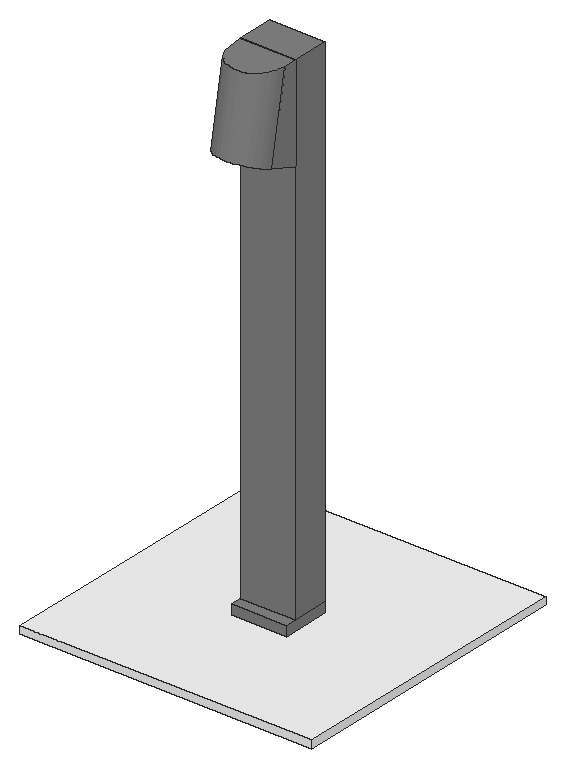
Revit family "BE_77249_de_DE", category Leuchten, Revit 2015
Parameters (values of type "BEGA_77249_Grafit_K3")
  built-in parameter 1150104 = 14.424 (stored number, unit not read)
  Wattage = 1.9 W
  Default Elevation = 0 mm
  built-in parameter 1150113 = 1 (stored number, unit not read)
  built-in parameter 1114218 = 1 (stored number, unit not read)
  Umgebungstemperatur = "25 °C"
  URL = "http://www.bega.de/produkt/77249"
  Typenkommentare = "© 2016 BEGA. Wir behalten uns das Recht vor, technische Änderungen ohne vorherige Ankündigung vorzunehmen."  # constant formula
  Type Image = 77249.png
  built-in parameter 1150134 = (empty or 0)
  built-in parameter 1150109 = 1 (stored number, unit not read)
  Strom = ""
  built-in parameter 1150110 = 1 (stored number, unit not read)
  Spannung = 239.996 V
  Sonderanfertigung = no
  Seriennummer [instance] = "Hier können Sie die eindeutige Seriennummer für das Facility Management eintragen."
  Schutzklasse = "I"
  Schutzart = "IP 64"
  Scheinlast = 0 VA
  Produktdatenblatt = "http://www.bega.de/download/Xrfa/db/77249.db.de.pdf"
  Oberflächentemperatur = ""
  Neigungswinkel = 0.00°
  Modell = "77249"
  Material_18 = BEGA_Gummi_schwarz
  Material_17 = BEGA_Reflektor
  Material_15 = BEGA_Leuchtmedium_matt
  Material_11 = BEGA_Glas_opal
  Material_10 = BEGA_Glas_matt
  Material_09 = BEGA_Glas_klar
  Material_08 = BEGA_Oberfläche_Stahl_verzinkt
  Material_06 = BEGA_Oberfläche_Edelstahl_gebürstet
  Material_03 = BEGA_Oberfläche_Weiss_matt
  Material_02 = BEGA_Oberfläche_Silber_matt
  Material_01 [instance] = BEGA_Oberfläche_Grafit_matt
  M_G = yes
  M_A = no
  Logo = 0
  built-in parameter 1114217 = 1 (stored number, unit not read)
  built-in parameter 1150139 = (empty or 0)
  built-in parameter 1150105 = 23.475 (stored number, unit not read)
  built-in parameter 1150114 = 1 (stored number, unit not read)
  Lumens = 294.994 lm
  built-in parameter 1150115 = 1 (stored number, unit not read)
  Leuchtenlichtstrom = "146 lm"
  Leuchtenanzahl = ""
  Lebensdauerkriterien = "L70 = 50.000 h"
  Lastklassifizierung = Beleuchtung
  built-in parameter 1150112 = 1 (stored number, unit not read)
  Lampenlichtstrom = "295 lm"
  Lampe = "LED 1.9 W"
  LED_Modulbezeichnung = "LED-0684/830 "
  built-in parameter 1150142 = (empty or 0)
  Hersteller = "BEGA"  # constant formula
  Halbstreuwinkel = ""
  Gewicht = "2.15 kg"
  Gebrauchslageneinschränkung [instance] = ""
  Frequenz = "0/50-60 Hz"
  Farbwiedergabeindex = "Ra > 80"
  Farbtemperaturverschiebung bei Dämpfen der Lampe = <Keine Auswahl>
  Farbtemperatur = "3000 K"
  Color Filter = 16777215
  built-in parameter 1150133 = 10 (stored number, unit not read)
  Energieeffizienzklasse = "LED A++ - A"
  built-in parameter 1150137 = (empty or 0)
  built-in parameter 1150132 = (empty or 0)
  ENEC = "ja"
  Datei für fotometrisches Netz = "BE_77249.IES"
  CE_Konformität = "ja"
  Bestellnummer = "77249"
  Beschreibung_Sonderanfertigung = "Hier können Sie Informationen zur Sonderanfertigung eintragen."
  Beschreibung = "Garten- und Wegeleuchte"
  built-in parameter 1150106 = 0.23475 (stored number, unit not read)
  Befestigungsbohrung = "Ø 5,5 mm"
  Befestigungsabstand = ""
  Ballwurfsicher = ""
  BEGA_Intern_aus = yes
  BEGA_Intern_an = yes
  BEGA_Intern_Konstruktion = yes
  BEGA_Intern = yes
  BEGA_IES = yes
  BEGA_Dummy = no
  Anschlussleitung = ""
  Anschlussleistung [instance] = "3.4 W"
  Anschlusskasten = ""
  built-in parameter 1150107 = 3000 (stored number, unit not read)
  built-in parameter 1150102 = (empty or 0)
  built-in parameter 1150138 = (empty or 0)
  Aktualisierung = "2016-10-20T04:14:09"
  Abstand_zur_angestrahlten_Fläche [instance] = ""
  AC/DC = "AC/DC"
Types (2, lengths in mm): name | Modell | M_G | M_A | Bestellnummer
  BEGA_77249_Grafit_K3 | "77249" | yes | no | "77249"
  BEGA_77249_Silber_K3 | "77249A" | no | yes | "77249A"
Reference planes
  plane 1 "Mitte (Vorne/Hinten)": y = 0
  plane 2: z = 0
  plane 3 "Mitte (Links/Rechts)": x = 0
  plane 4 "Links": x = -37.766
  plane 5 "Rechts": x = 37.766
  plane 6 "Unten": y = -100.895
  plane 7 "Oben": y = 25
  plane 8 "Vorne": z = 700.379
  plane 9 "Hinten": z = 0
Forms (mm)
  Extrusion 1, solid, material "BEGA_Platte_Weiss"
    sketch origin (0, -1119.2, 0) x (1, 0, 0) y (0, 1, 0)
      loop
        line (-200, 1319.2) -> (-200, 919.2) -> (200, 919.2) -> (200, 1319.2) -> (-200, 1319.2)
    from 0 to -10
  Extrusion 2, solid, material "BEGA_Dummy_matt", visible <- "BEGA_Dummy"
    sketch origin (80.095, -76.023, 0) x (1, 0, 0) y (0, 1, 0)
      loop
        line (-117.595, 101.023) -> (-117.595, -24.872) -> (-42.595, -24.872) -> (-42.595, 101.023) -> (-117.595, 101.023)
    from 0 to 700.379
Dimensions and locks
  plane 1 "Mitte (Vorne/Hinten)" to Extrusion 1 = 200 mm
  aligned and locked: plane 2 to Extrusion 1
  aligned and locked: level to Extrusion 1
Nested families
  nested 1: "BE_77249" at (0, 0, 0), type "BE_77249"
Connectors
  electrical at (0, 0, 0), driven by "Lastklassifizierung", driven by "Spannung", driven by "Scheinlast"
    settings: index 1, voltage 239.996 V, apparent load 0 VA, apparent load phase1 0 VA, apparent load phase2 0 VA, apparent load phase3 0 VA, power factor 1, load classification "Beleuchtung", number of poles 1, system type 31, power factor state 1, is connector primary yes, connector utility no, sub classification motor no, connector description ""
Definition of nested family "BE_77249"
  Parameters (values of type "BE_77249")
    Default Elevation = 1 mm
    URL = "http://www.bega.de/de/produkt"
    Type Comments = "© 2015 BEGA. Wir behalten uns das Recht vor, technische Änderungen ohne vorherige Ankündigung vorzunehmen. "  # constant formula
    Type Image = (empty or 0)
    Material_18 = none
    Material_17 = none
    Material_15 = none
    Material_11 = none
    Material_10 = none
    Material_09 = none
    Material_08 = none
    Material_06 = none
    Material_03 = none
    Material_02 = none
    Material_01 = none
    M_W = no
    M_G = yes
    M_A = no
    Länge_Platte = 200 mm  # constant formula
    Höhe_Platte = -10 mm  # constant formula
    Manufacturer = "BEGA"  # constant formula
    Breite_Platte = 200 mm  # constant formula
  Reference planes
    plane 1 "Mitte (Oben/Unten)": y = 0
    plane 2: z = 0
    plane 3 "Mitte (Links/Rechts)": x = 0
    plane 4: y = -100.895
    plane 5: z = 700.8
    plane 6: x = -37.766
    plane 7: x = 37.766
    plane 8: y = 25.266
    plane 9: z = 0
  Forms (mm)
    Extrusion 1, solid, detail levels medium
      sketch origin (0, 0, 0) x (1, 0, 0) y (0, 1, 0)
        loop
          line (-100, 100) -> (-100, -100) -> (100, -100) -> (100, 100) -> (-100, 100)
      from 0 to -10 <- "Höhe_Platte"
    Extrusion 2, solid, material <- "Material_08", detail levels medium+fine
      sketch origin (0, -0.971, 0) x (1, 0, 0) y (0, 1, 0)
        loop
          line (-4.279, 24.123) -> (-26.706, 20.169)
          arc (-26.706, 20.169) -> (-28.686, 19.354) -> (-30.144, 17.786) r 5
          arc (-30.144, 17.786) -> (0, -35) -> (30.144, 17.786) r 35
          arc (30.144, 17.786) -> (28.686, 19.354) -> (26.706, 20.169) r 5
          line (26.706, 20.169) -> (4.279, 24.123)
          arc (4.279, 24.123) -> (0, 24.5) -> (-4.279, 24.123) r 24.5
        loop
          circle (-25.981, 15) r 2.75
        loop
          circle (0, -30) r 2.75
        loop
          circle (25.981, 15) r 2.75
        loop
          circle (0, 0) r 19.1
      from 1.993 to 0
    Extrusion 3, solid, material <- "Material_08", detail levels medium+fine
      sketch origin (0, -0.971, 0) x (1, 0, 0) y (0, 1, 0)
        loop
          circle (0, 0) r 19.1
        loop
          circle (0, 0) r 21.1
      from 119.996 to 1
    Sweep 4, solid, material <- "Material_01", visible <- "M_G", detail levels medium+fine
      path origin (0, 0, 0) x (1, 0, 0) y (0, 1, 0)
        loop
          line (37.5, 25) -> (-37.5, 25) -> (-37.5, -25) -> (37.5, -25) -> (37.5, 25)
      profile origin (0, 25, 0) x (0, -1, 0) y (0, 0, 1)
        loop
          line (0, 700.8) -> (0, 13.572) -> (3, 13.572) -> (3, 699) -> (8.422, 699) -> (8.422, 700.8) -> (0, 700.8)
    Extrusion 5, solid, material <- "Material_01", visible <- "M_G", detail levels medium+fine
      sketch origin (0, 0, 0) x (0, 1, 0) y (0, 0, 1)
        loop
          line (16.578, 700.8) -> (-16.578, 700.8) -> (-16.578, 699) -> (16.578, 699) -> (16.578, 700.8)
      from -29.451 to 29.078
    Blend 6, solid, material <- "Material_01", visible <- "M_G", detail levels medium+fine
      base sketch origin (0, 0, 0) x (1, 0, 0) y (0, 1, 0)
        loop
          line (-37.552, -25) -> (-36.457, -66.822)
          spline (-36.457, -66.822) -> (-35.105, -77.09) -> (-31.403, -86.632) -> (-25.599, -94.81) -> (-18.082, -101.077) -> (-9.354, -105.014) -> (0, -106.356) -> (9.354, -105.014) -> (18.082, -101.077) -> (25.599, -94.81) -> (31.403, -86.632) -> (35.105, -77.09) -> (36.457, -66.822)
          line (36.457, -66.822) -> (37.552, -25) -> (-37.552, -25)
      top sketch origin (0, 0, 0) x (1, 0, 0) y (0, 1, 0)
        loop
          line (-37.552, -25) -> (-37.071, -43.367)
          spline (-37.071, -43.367) -> (-35.587, -53.008) -> (-31.763, -61.945) -> (-25.851, -69.59) -> (-18.24, -75.44) -> (-9.43, -79.112) -> (0, -80.363) -> (9.43, -79.112) -> (18.24, -75.44) -> (25.851, -69.59) -> (31.763, -61.945) -> (35.587, -53.008) -> (37.071, -43.367)
          line (37.071, -43.367) -> (37.552, -25) -> (-37.552, -25)
      from 570.8 to 700.8
    Extrusion 7, void
      sketch origin (0, 0, 14) x (0, 1, 0) y (0, 0, 1)
        loop
          line (-26.108, 556.475) -> (-107.284, 586.021) -> (-107.284, 556.475) -> (-26.108, 556.475)
        loop
          line (-25, 686.8) -> (-81.221, 686.8) -> (-81.221, 685.38) -> (-25, 686.8)
      from -41.057 to 40.865
    Revolve 8, void
      sketch origin (0, 0, 14) x (0, 1, 0) y (0, 0, 1)
        loop
          line (-60.589, 588.104) -> (-67.011, 570.459) -> (-35.754, 559.082) -> (-37.529, 569.146) -> (-32.274, 567.233) -> (-28.878, 576.562) -> (-60.589, 588.104)
        axis (-60.589, 588.104) -> (-67.011, 570.459)
      angle from 0 to 360
    Revolve 9, solid, material <- "Material_10", detail levels medium+fine
      sketch origin (0, 0, 14) x (0, 1, 0) y (0, 0, 1)
        loop
          line (-62.616, 582.533) -> (-63.984, 578.775) -> (-33.444, 567.659) -> (-32.076, 571.418) -> (-62.616, 582.533)
        axis (-62.616, 582.533) -> (-63.984, 578.775)
      angle from 0 to 360
    Revolve 10, void
      sketch origin (-26, 0, 14) x (0, 1, 0) y (0, 0, 1)
        loop
          line (-34.938, 559.689) -> (-34.938, 561.3) -> (-36.8, 561.3) -> (-36.8, 560.367) -> (-34.938, 559.689)
        axis (-36.8, 561.3) -> (-36.8, 559.689)
      angle from 0 to 360
    Revolve 11, void
      sketch origin (26, 0, 14) x (0, 1, 0) y (0, 0, -1)
        loop
          line (-34.938, -559.689) -> (-36.8, -560.367) -> (-36.8, -561.3) -> (-34.938, -561.3) -> (-34.938, -559.689)
        axis (-36.8, -561.3) -> (-36.8, -559.689)
      angle from 0 to 360
    Revolve 12, solid, material <- "Material_06", detail levels fine
      sketch origin (-26, 0, 14) x (0, 1, 0) y (0, 0, 1)
        loop
          line (-36.8, 559.9) -> (-36.8, 561.3) -> (-38.411, 561.3) -> (-38.411, 560.481) -> (-37.887, 559.9) -> (-36.8, 559.9)
        axis (-36.8, 561.3) -> (-36.8, 559.9)
      angle from 0 to 360
    Revolve 13, solid, material <- "Material_06", detail levels fine
      sketch origin (26, 0, 14) x (0, 1, 0) y (0, 0, -1)
        loop
          line (-36.8, -559.9) -> (-37.887, -559.9) -> (-38.411, -560.481) -> (-38.411, -561.3) -> (-36.8, -561.3) -> (-36.8, -559.9)
        axis (-36.8, -561.3) -> (-36.8, -559.9)
      angle from 0 to 360
    Revolve 14, void
      sketch origin (0, 0, 13.466) x (0, 1, 0) y (0, 0, 1)
        loop
          line (25.206, 39) -> (22.243, 39) -> (22.243, 35) -> (25.206, 35) -> (25.206, 39)
        axis (25.206, 35) -> (22.243, 35)
      angle from 0 to 360
    Revolve 15, void
      sketch origin (0, 0, 63.466) x (0, 1, 0) y (0, 0, 1)
        loop
          line (25.206, 39) -> (22.243, 39) -> (22.243, 35) -> (25.206, 35) -> (25.206, 39)
        axis (25.206, 35) -> (22.243, 35)
      angle from 0 to 360
    Revolve 16, solid, material <- "Material_06", detail levels fine
      sketch origin (0, 0, 13.466) x (0, 1, 0) y (0, 0, 1)
        loop
          line (25, 88) -> (25, 88.942) -> (22.865, 88.942) -> (22.865, 85) -> (26, 85) -> (26, 88) -> (25, 88)
        axis (26, 85) -> (22.865, 85)
      angle from 0 to 360
    Revolve 17, solid, material <- "Material_06", detail levels fine
      sketch origin (0, 0, -36.534) x (0, 1, 0) y (0, 0, 1)
        loop
          line (25, 88) -> (25, 88.942) -> (22.865, 88.942) -> (22.865, 85) -> (26, 85) -> (26, 88) -> (25, 88)
        axis (26, 85) -> (22.865, 85)
      angle from 0 to 360
    Sweep 18, solid, material <- "Material_02", visible <- "M_A", detail levels medium+fine
      path origin (0, 0, 0) x (1, 0, 0) y (0, 1, 0)
        loop
          line (37.5, 25) -> (-37.5, 25) -> (-37.5, -25) -> (37.5, -25) -> (37.5, 25)
      profile origin (0, 25, 0) x (0, -1, 0) y (0, 0, 1)
        loop
          line (0, 700.8) -> (0, 13.572) -> (3, 13.572) -> (3, 699) -> (8.422, 699) -> (8.422, 700.8) -> (0, 700.8)
    Extrusion 19, solid, material <- "Material_02", visible <- "M_A", detail levels medium+fine
      sketch origin (0, 0, 0) x (0, 1, 0) y (0, 0, 1)
        loop
          line (16.578, 700.8) -> (-16.578, 700.8) -> (-16.578, 699) -> (16.578, 699) -> (16.578, 700.8)
      from -29.451 to 29.078
    Blend 20, solid, material <- "Material_02", visible <- "M_A", detail levels medium+fine
      base sketch origin (0, 0, 0) x (1, 0, 0) y (0, 1, 0)
        loop
          line (-37.552, -25) -> (-36.457, -66.822)
          spline (-36.457, -66.822) -> (-35.105, -77.09) -> (-31.403, -86.632) -> (-25.599, -94.81) -> (-18.082, -101.077) -> (-9.354, -105.014) -> (0, -106.356) -> (9.354, -105.014) -> (18.082, -101.077) -> (25.599, -94.81) -> (31.403, -86.632) -> (35.105, -77.09) -> (36.457, -66.822)
          line (36.457, -66.822) -> (37.552, -25) -> (-37.552, -25)
      top sketch origin (0, 0, 0) x (1, 0, 0) y (0, 1, 0)
        loop
          line (-37.552, -25) -> (-37.071, -43.367)
          spline (-37.071, -43.367) -> (-35.587, -53.008) -> (-31.763, -61.945) -> (-25.851, -69.59) -> (-18.24, -75.44) -> (-9.43, -79.112) -> (0, -80.363) -> (9.43, -79.112) -> (18.24, -75.44) -> (25.851, -69.59) -> (31.763, -61.945) -> (35.587, -53.008) -> (37.071, -43.367)
          line (37.071, -43.367) -> (37.552, -25) -> (-37.552, -25)
      from 570.8 to 700.8
    Sweep 21, solid, material <- "Material_01", visible <- "M_G", detail levels medium+fine
      path origin (0, 0, 0) x (1, 0, 0) y (0, 1, 0)
        loop
          line (37.5, 25) -> (-37.5, 25) -> (-37.5, -40) -> (37.5, -40) -> (37.5, 25)
      profile origin (0, 25, 0) x (0, -1, 0) y (0, 0, 1)
        loop
          line (-0.029, 13.572) -> (-0.266, 0) -> (1.432, 0) -> (1.554, 3.517) -> (2.446, 4.409) -> (2.705, 11.837) -> (4.021, 11.837) -> (4.021, 13.572) -> (-0.029, 13.572)
    Extrusion 22, solid, material <- "Material_01", visible <- "M_G", detail levels medium+fine
      sketch origin (0, 0, 0) x (0, 1, 0) y (0, 0, 1)
        loop
          line (-35.979, 13.572) -> (-35.979, 11.837) -> (-24.051, 11.837) -> (-24.051, 13.572) -> (-35.979, 13.572)
      from -33.479 to 33.479
    Sweep 23, solid, material <- "Material_02", visible <- "M_A", detail levels medium+fine
      path origin (0, 0, 0) x (1, 0, 0) y (0, 1, 0)
        loop
          line (37.5, 25) -> (-37.5, 25) -> (-37.5, -40) -> (37.5, -40) -> (37.5, 25)
      profile origin (0, 25, 0) x (0, -1, 0) y (0, 0, 1)
        loop
          line (-0.029, 13.572) -> (-0.266, 0) -> (1.432, 0) -> (1.554, 3.517) -> (2.446, 4.409) -> (2.705, 11.837) -> (4.021, 11.837) -> (4.021, 13.572) -> (-0.029, 13.572)
    Extrusion 24, solid, material <- "Material_02", visible <- "M_A", detail levels medium+fine
      sketch origin (0, 0, 0) x (0, 1, 0) y (0, 0, 1)
        loop
          line (-35.979, 13.572) -> (-35.979, 11.837) -> (-24.051, 11.837) -> (-24.051, 13.572) -> (-35.979, 13.572)
      from -33.479 to 33.479
    Sweep 25, solid, material <- "Material_03", visible <- "M_W", detail levels medium+fine
      path origin (0, 0, 0) x (1, 0, 0) y (0, 1, 0)
        loop
          line (37.5, 25) -> (-37.5, 25) -> (-37.5, -40) -> (37.5, -40) -> (37.5, 25)
      profile origin (0, 25, 0) x (0, -1, 0) y (0, 0, 1)
        loop
          line (-0.029, 13.572) -> (-0.266, 0) -> (1.432, 0) -> (1.554, 3.517) -> (2.446, 4.409) -> (2.705, 11.837) -> (4.021, 11.837) -> (4.021, 13.572) -> (-0.029, 13.572)
    Extrusion 26, solid, material <- "Material_03", visible <- "M_W", detail levels medium+fine
      sketch origin (0, 0, 0) x (0, 1, 0) y (0, 0, 1)
        loop
          line (-35.979, 13.572) -> (-35.979, 11.837) -> (-24.051, 11.837) -> (-24.051, 13.572) -> (-35.979, 13.572)
      from -33.479 to 33.479
  Cuts and joins
    joined: Extrusion 2, Extrusion 3
    Revolve 14, Revolve 15 cuts Sweep 4
    Revolve 14, Revolve 15 cuts Extrusion 5
    joined: Sweep 4, Extrusion 5
    Extrusion 7, Revolve 8, Revolve 10, Revolve 11 cuts Blend 6
    Revolve 14, Revolve 15 cuts Sweep 18
    joined: Sweep 18, Extrusion 19
    Extrusion 7, Revolve 8, Revolve 10, Revolve 11 cuts Blend 20
    joined: Sweep 21, Extrusion 22
    joined: Sweep 23, Extrusion 24
    joined: Sweep 25, Extrusion 26
  Lines and regions (mm)
    model lines
      curve 1: line (0, -25, 686.8) -> (0, -25, 700.8)
  Dimensions and locks
    equal spacing: Extrusion 1 sketch curve, plane 3 "Mitte (Links/Rechts)", Extrusion 1 sketch curve
    equal spacing: Extrusion 1 sketch curve, plane 1 "Mitte (Oben/Unten)", Extrusion 1 sketch curve
    "Länge_Platte": Extrusion 1 sketch curve to Extrusion 1 sketch curve
    "Breite_Platte": Extrusion 1 sketch curve to Extrusion 1 sketch curve
    aligned and locked: Extrusion 1 to plane 2
    aligned and locked: level to Extrusion 1
  Automatic sketch dimensions
    Extrusion 2 sketch curve to Extrusion 2 sketch curve = 0 mm  (x13)
    plane 1 "Mitte (Oben/Unten)" to Extrusion 2 sketch curve = 0.971 mm
    Extrusion 2 sketch curve to plane 3 "Mitte (Links/Rechts)" = 0 mm  (x2)
    Extrusion 2 sketch curve to plane 3 "Mitte (Links/Rechts)" = 4.279 mm
    Extrusion 2 sketch curve to Extrusion 2 sketch curve = 21.559 mm  (x2)
    Extrusion 2 sketch curve to Extrusion 2 sketch curve = 0.143 mm  (x2)
    plane 3 "Mitte (Links/Rechts)" to Extrusion 2 sketch curve = 4.279 mm
    plane 1 "Mitte (Oben/Unten)" to Extrusion 2 sketch curve = 30.971 mm
    Extrusion 2 sketch curve to plane 1 "Mitte (Oben/Unten)" = 14.029 mm  (x2)
    Extrusion 2 sketch curve to Extrusion 2 sketch curve = 0.245 mm  (x2)
    Extrusion 2 sketch curve to Extrusion 2 sketch curve = 8.878 mm
    Extrusion 2 sketch curve to Extrusion 2 sketch curve = 0.868 mm  (x2)
    Extrusion 2 sketch curve to Extrusion 2 sketch curve = 3.438 mm  (x2)
    Extrusion 2 sketch curve to Extrusion 2 sketch curve = 2.541 mm  (x2)
    Sweep 4 sketch curve to plane 3 "Mitte (Links/Rechts)" = 37.5 mm
    plane 3 "Mitte (Links/Rechts)" to Sweep 4 sketch curve = 37.5 mm
    plane 1 "Mitte (Oben/Unten)" to Sweep 4 sketch curve = 25 mm
    Sweep 4 sketch curve to plane 1 "Mitte (Oben/Unten)" = 25 mm
    plane 1 "Mitte (Oben/Unten)" to Extrusion 5 sketch curve = 16.578 mm
    Extrusion 5 sketch curve to plane 1 "Mitte (Oben/Unten)" = 16.578 mm
    level to Extrusion 5 sketch curve = 699 mm
    Extrusion 5 sketch curve to Extrusion 5 sketch curve = 1.8 mm
    Blend 6 sketch curve to plane 3 "Mitte (Links/Rechts)" = 0 mm  (x2)
    Blend 6 sketch curve to plane 3 "Mitte (Links/Rechts)" = 36.457 mm
    Blend 6 sketch curve to plane 3 "Mitte (Links/Rechts)" = 37.552 mm
    plane 3 "Mitte (Links/Rechts)" to Blend 6 sketch curve = 36.457 mm
    plane 3 "Mitte (Links/Rechts)" to Blend 6 sketch curve = 37.552 mm
    plane 1 "Mitte (Oben/Unten)" to Blend 6 sketch curve = 66.822 mm
    plane 1 "Mitte (Oben/Unten)" to Blend 6 sketch curve = 25 mm
    Blend 6 sketch curve to Blend 6 sketch curve = 0.004 mm
    Blend 6 sketch curve to Blend 6 sketch curve = 0.566 mm
    Blend 6 sketch curve to plane 3 "Mitte (Links/Rechts)" = 37.071 mm
    Blend 6 sketch curve to Blend 6 sketch curve = 0.481 mm  (x2)
    plane 3 "Mitte (Links/Rechts)" to Blend 6 sketch curve = 37.071 mm
    plane 1 "Mitte (Oben/Unten)" to Blend 6 sketch curve = 43.367 mm
    Blend 6 sketch curve to Blend 6 sketch curve = 18.367 mm
    Blend 6 sketch curve to Blend 6 sketch curve = 36.996 mm
    Blend 6 sketch curve to Blend 6 sketch curve = 1.075 mm
    plane 1 "Mitte (Oben/Unten)" to Extrusion 7 sketch curve = 107.284 mm
    plane 1 "Mitte (Oben/Unten)" to Extrusion 7 sketch curve = 81.221 mm
    plane 1 "Mitte (Oben/Unten)" to Extrusion 7 sketch curve = 26.108 mm
    plane 1 "Mitte (Oben/Unten)" to Extrusion 7 sketch curve = 25 mm
    level to Extrusion 7 sketch curve = 570.475 mm
    Extrusion 7 sketch curve to Extrusion 7 sketch curve = 29.546 mm
    Extrusion 7 sketch curve to Extrusion 7 sketch curve = 99.359 mm
    Extrusion 7 sketch curve to Extrusion 7 sketch curve = 1.42 mm
    plane 1 "Mitte (Oben/Unten)" to Revolve 8 sketch curve = 67.011 mm
    Revolve 8 sketch curve to Revolve 8 sketch curve = 6.422 mm
    Revolve 8 sketch curve to Revolve 8 sketch curve = 29.482 mm
    Revolve 8 sketch curve to Revolve 8 sketch curve = 1.774 mm
    Revolve 8 sketch curve to Revolve 8 sketch curve = 5.255 mm
    Revolve 8 sketch curve to Revolve 8 sketch curve = 3.395 mm
    level to Revolve 8 sketch curve = 573.082 mm
    Revolve 8 sketch curve to Revolve 8 sketch curve = 8.151 mm
    Revolve 8 sketch curve to Revolve 8 sketch curve = 1.913 mm
    Revolve 8 sketch curve to Revolve 8 sketch curve = 1.313 mm
    Revolve 8 sketch curve to Revolve 8 sketch curve = 0 mm  (x4)
    plane 1 "Mitte (Oben/Unten)" to Revolve 9 sketch curve = 63.984 mm
    Revolve 9 sketch curve to Revolve 9 sketch curve = 1.368 mm  (x2)
    Revolve 9 sketch curve to Revolve 9 sketch curve = 30.54 mm
    level to Revolve 9 sketch curve = 581.659 mm
    Revolve 9 sketch curve to Revolve 9 sketch curve = 3.759 mm
    Revolve 9 sketch curve to Revolve 9 sketch curve = 11.116 mm
    Revolve 9 sketch curve to Revolve 9 sketch curve = 0 mm  (x4)
    plane 1 "Mitte (Oben/Unten)" to Revolve 10 sketch curve = 36.8 mm
    Revolve 10 sketch curve to Revolve 10 sketch curve = 1.862 mm
    level to Revolve 10 sketch curve = 573.689 mm
    Revolve 10 sketch curve to Revolve 10 sketch curve = 0.678 mm
    Revolve 10 sketch curve to Revolve 10 sketch curve = 0.933 mm
    Revolve 10 sketch curve to Revolve 10 sketch curve = 0 mm  (x3)
    plane 1 "Mitte (Oben/Unten)" to Revolve 11 sketch curve = 36.8 mm
    Revolve 11 sketch curve to Revolve 11 sketch curve = 1.862 mm
    level to Revolve 11 sketch curve = 575.3 mm
    Revolve 11 sketch curve to Revolve 11 sketch curve = 0.933 mm
    Revolve 11 sketch curve to Revolve 11 sketch curve = 1.611 mm
    Revolve 11 sketch curve to Revolve 11 sketch curve = 0 mm  (x3)
    plane 1 "Mitte (Oben/Unten)" to Revolve 12 sketch curve = 38.411 mm
    Revolve 12 sketch curve to Revolve 12 sketch curve = 0.523 mm
    Revolve 12 sketch curve to Revolve 12 sketch curve = 1.087 mm
    level to Revolve 12 sketch curve = 573.9 mm
    Revolve 12 sketch curve to Revolve 12 sketch curve = 0.581 mm
    Revolve 12 sketch curve to Revolve 12 sketch curve = 1.4 mm
    Revolve 12 sketch curve to Revolve 12 sketch curve = 0 mm  (x3)
    plane 1 "Mitte (Oben/Unten)" to Revolve 13 sketch curve = 38.411 mm
    Revolve 13 sketch curve to Revolve 13 sketch curve = 0.523 mm
    Revolve 13 sketch curve to Revolve 13 sketch curve = 1.087 mm
    level to Revolve 13 sketch curve = 575.3 mm
    Revolve 13 sketch curve to Revolve 13 sketch curve = 0.819 mm
    Revolve 13 sketch curve to Revolve 13 sketch curve = 0.581 mm
    Revolve 13 sketch curve to Revolve 13 sketch curve = 0 mm  (x3)
    Revolve 14 sketch curve to plane 1 "Mitte (Oben/Unten)" = 22.243 mm
    Revolve 14 sketch curve to Revolve 14 sketch curve = 2.963 mm
    level to Revolve 14 sketch curve = 48.466 mm
    Revolve 14 sketch curve to Revolve 14 sketch curve = 4 mm
    Revolve 14 sketch curve to Revolve 14 sketch curve = 0 mm  (x2)
    Revolve 14 sketch curve to Revolve 14 sketch curve = 0.206 mm
    Revolve 15 sketch curve to plane 1 "Mitte (Oben/Unten)" = 22.243 mm
    Revolve 15 sketch curve to Revolve 15 sketch curve = 2.963 mm
    level to Revolve 15 sketch curve = 98.466 mm
    Revolve 15 sketch curve to Revolve 15 sketch curve = 4 mm
    Revolve 15 sketch curve to Revolve 15 sketch curve = 0 mm  (x2)
    Revolve 15 sketch curve to Revolve 15 sketch curve = 0.206 mm
    Revolve 16 sketch curve to plane 1 "Mitte (Oben/Unten)" = 22.865 mm
    Revolve 16 sketch curve to Revolve 16 sketch curve = 2.135 mm
    Revolve 16 sketch curve to Revolve 16 sketch curve = 1 mm
    level to Revolve 16 sketch curve = 98.466 mm
    Revolve 16 sketch curve to Revolve 16 sketch curve = 3 mm
    Revolve 16 sketch curve to Revolve 16 sketch curve = 0.942 mm
    Revolve 16 sketch curve to Revolve 16 sketch curve = 0 mm  (x3)
    Revolve 17 sketch curve to plane 1 "Mitte (Oben/Unten)" = 22.865 mm
    Revolve 17 sketch curve to Revolve 17 sketch curve = 2.135 mm
    Revolve 17 sketch curve to Revolve 17 sketch curve = 1 mm
    level to Revolve 17 sketch curve = 48.466 mm
    Revolve 17 sketch curve to Revolve 17 sketch curve = 3 mm
    Revolve 17 sketch curve to Revolve 17 sketch curve = 0.942 mm
    Revolve 17 sketch curve to Revolve 17 sketch curve = 0 mm  (x3)
    Sweep 18 sketch curve to plane 3 "Mitte (Links/Rechts)" = 37.5 mm
    plane 3 "Mitte (Links/Rechts)" to Sweep 18 sketch curve = 37.5 mm
    plane 1 "Mitte (Oben/Unten)" to Sweep 18 sketch curve = 25 mm
    Sweep 18 sketch curve to plane 1 "Mitte (Oben/Unten)" = 25 mm
    plane 1 "Mitte (Oben/Unten)" to Extrusion 19 sketch curve = 16.578 mm
    Extrusion 19 sketch curve to plane 1 "Mitte (Oben/Unten)" = 16.578 mm
    level to Extrusion 19 sketch curve = 699 mm
    Extrusion 19 sketch curve to Extrusion 19 sketch curve = 1.8 mm
    Blend 20 sketch curve to plane 3 "Mitte (Links/Rechts)" = 0 mm  (x2)
    Blend 20 sketch curve to plane 3 "Mitte (Links/Rechts)" = 36.457 mm
    Blend 20 sketch curve to plane 3 "Mitte (Links/Rechts)" = 37.552 mm
    plane 3 "Mitte (Links/Rechts)" to Blend 20 sketch curve = 36.457 mm
    plane 3 "Mitte (Links/Rechts)" to Blend 20 sketch curve = 37.552 mm
    plane 1 "Mitte (Oben/Unten)" to Blend 20 sketch curve = 66.822 mm
    plane 1 "Mitte (Oben/Unten)" to Blend 20 sketch curve = 25 mm
    Blend 20 sketch curve to Blend 20 sketch curve = 0.004 mm
    Blend 20 sketch curve to Blend 20 sketch curve = 0.566 mm
    Blend 20 sketch curve to plane 3 "Mitte (Links/Rechts)" = 37.071 mm
    Blend 20 sketch curve to Blend 20 sketch curve = 0.481 mm  (x2)
    plane 3 "Mitte (Links/Rechts)" to Blend 20 sketch curve = 37.071 mm
    plane 1 "Mitte (Oben/Unten)" to Blend 20 sketch curve = 43.367 mm
    Blend 20 sketch curve to Blend 20 sketch curve = 18.367 mm
    Blend 20 sketch curve to Blend 20 sketch curve = 36.996 mm
    Blend 20 sketch curve to Blend 20 sketch curve = 1.075 mm
    Sweep 18 sketch curve to profile plane = 0 mm
    Sweep 18 sketch curve to profile plane = 3 mm
    Sweep 18 sketch curve to Sweep 18 sketch curve = 5.422 mm
    level to Sweep 18 sketch curve = 13.572 mm
    Sweep 18 sketch curve to Sweep 18 sketch curve = 685.428 mm
    Sweep 18 sketch curve to Sweep 18 sketch curve = 1.8 mm
    Sweep 4 sketch curve to profile plane = 0 mm
    Sweep 4 sketch curve to profile plane = 3 mm
    Sweep 4 sketch curve to Sweep 4 sketch curve = 5.422 mm
    level to Sweep 4 sketch curve = 13.572 mm
    Sweep 4 sketch curve to Sweep 4 sketch curve = 685.428 mm
    Sweep 4 sketch curve to Sweep 4 sketch curve = 1.8 mm
    plane 1 "Mitte (Oben/Unten)" to curve 1 = 25 mm
    plane 5 to curve 1 = 0 mm
    plane 5 to curve 1 = 14 mm
    Sweep 21 sketch curve to level = 0 mm
    profile plane to Sweep 21 sketch curve = 0.029 mm
    Sweep 21 sketch curve to profile plane = 1.554 mm
    Sweep 21 sketch curve to Sweep 21 sketch curve = 0.891 mm  (x2)
    Sweep 21 sketch curve to profile plane = 2.705 mm
    Sweep 21 sketch curve to Sweep 21 sketch curve = 1.316 mm
    level to Sweep 21 sketch curve = 3.517 mm
    Sweep 21 sketch curve to Sweep 21 sketch curve = 7.428 mm
    profile plane to Sweep 21 sketch curve = 0.266 mm
    Sweep 21 sketch curve to profile plane = 1.432 mm
    level to Sweep 21 sketch curve = 13.572 mm
    plane 1 "Mitte (Oben/Unten)" to Sweep 21 sketch curve = 40 mm
    level to Extrusion 22 sketch curve = 11.837 mm
    plane 1 "Mitte (Oben/Unten)" to Extrusion 22 sketch curve = 35.979 mm
    Extrusion 22 sketch curve to Extrusion 22 sketch curve = 11.928 mm
    Extrusion 22 sketch curve to Extrusion 22 sketch curve = 1.735 mm
    plane 1 "Mitte (Oben/Unten)" to Sweep 23 sketch curve = 40 mm
    Sweep 23 sketch curve to level = 0 mm
    profile plane to Sweep 23 sketch curve = 0.266 mm
    profile plane to Sweep 23 sketch curve = 0.029 mm
    Sweep 23 sketch curve to profile plane = 1.432 mm
    Sweep 23 sketch curve to profile plane = 1.554 mm
    Sweep 23 sketch curve to Sweep 23 sketch curve = 0.891 mm  (x2)
    Sweep 23 sketch curve to profile plane = 2.705 mm
    Sweep 23 sketch curve to Sweep 23 sketch curve = 1.316 mm
    level to Sweep 23 sketch curve = 3.517 mm
    Sweep 23 sketch curve to Sweep 23 sketch curve = 7.428 mm
    Sweep 23 sketch curve to Sweep 23 sketch curve = 1.735 mm
    level to Extrusion 24 sketch curve = 11.837 mm
    plane 1 "Mitte (Oben/Unten)" to Extrusion 24 sketch curve = 35.979 mm
    Extrusion 24 sketch curve to Extrusion 24 sketch curve = 11.928 mm
    Extrusion 24 sketch curve to Extrusion 24 sketch curve = 1.735 mm
    plane 1 "Mitte (Oben/Unten)" to Sweep 25 sketch curve = 40 mm
    Sweep 25 sketch curve to level = 0 mm
    profile plane to Sweep 25 sketch curve = 0.266 mm
    profile plane to Sweep 25 sketch curve = 0.029 mm
    Sweep 25 sketch curve to profile plane = 1.432 mm
    Sweep 25 sketch curve to profile plane = 1.554 mm
    Sweep 25 sketch curve to Sweep 25 sketch curve = 0.891 mm  (x2)
    Sweep 25 sketch curve to profile plane = 2.705 mm
    Sweep 25 sketch curve to Sweep 25 sketch curve = 1.316 mm
    level to Sweep 25 sketch curve = 3.517 mm
    Sweep 25 sketch curve to Sweep 25 sketch curve = 7.428 mm
    Sweep 25 sketch curve to Sweep 25 sketch curve = 1.735 mm
    level to Extrusion 26 sketch curve = 11.837 mm
    plane 1 "Mitte (Oben/Unten)" to Extrusion 26 sketch curve = 35.979 mm
    Extrusion 26 sketch curve to Extrusion 26 sketch curve = 11.928 mm
    Extrusion 26 sketch curve to Extrusion 26 sketch curve = 1.735 mm
    Sweep 21 sketch curve to plane 3 "Mitte (Links/Rechts)" = 37.5 mm
    Sweep 23 sketch curve to plane 3 "Mitte (Links/Rechts)" = 37.5 mm
    Sweep 25 sketch curve to plane 3 "Mitte (Links/Rechts)" = 37.5 mm
    Sweep 21 sketch curve to plane 7 = 0.266 mm
    Sweep 23 sketch curve to plane 7 = 0.266 mm
    Sweep 25 sketch curve to plane 7 = 0.266 mm
    Sweep 21 sketch curve to plane 1 "Mitte (Oben/Unten)" = 25 mm
    Sweep 23 sketch curve to plane 1 "Mitte (Oben/Unten)" = 25 mm
    Sweep 25 sketch curve to plane 1 "Mitte (Oben/Unten)" = 25 mm
    radius of Extrusion 2 sketch curve = 2.75 mm  (x3)
    radius of Extrusion 2 sketch curve = 19.1 mm
